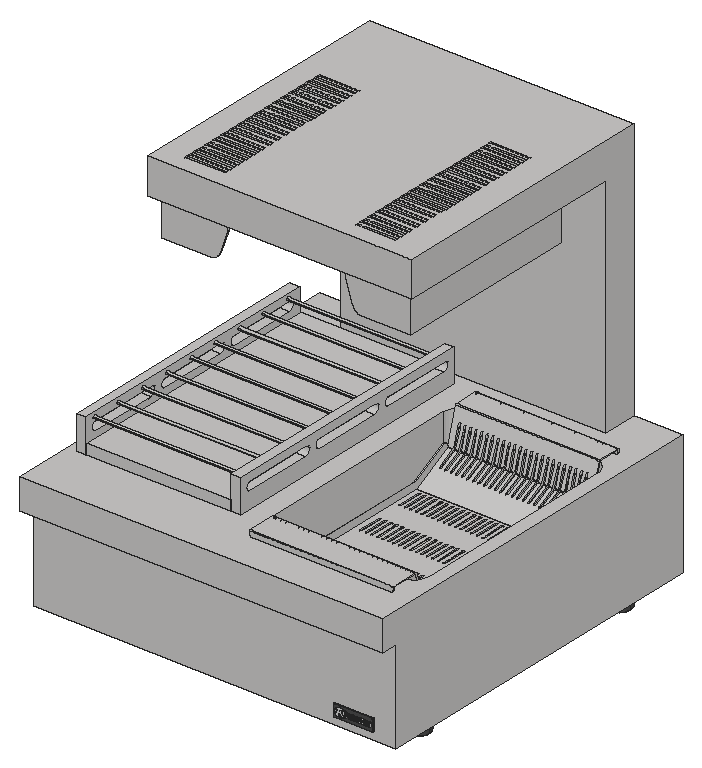
Revit family "QF_MACOM_CF72C-2M", category Equipamento especial, Revit 2020
Family settings
  Cota do conector redondo = Utilizar diâmetro
  Tipo de parte = Normal
  Número OmniClass = 23.40.40.14.17.11
  Título OmniClass = Cookers, Ovens, Stoves
  Com base no plano de trabalho = Não
  Sempre na vertical = Sim
  Corte com vazios quando carregada = Não
  Compartilhado = Não
  Ponto de cálculo do ambiente = Não
Parameters (values of type "CF72C-2M")
  Width = 720.00 mm
  Weight = 20.00 kg
  Volume = 0.41 m³
  Volts = 220 V
  URL = "https://www.acosmacom.com.br/"
  Show Logo = yes
  Operational Current = 6.3 A
  Modelo = "CF72C-2M"
  Ingress Protection Code = "IP 20"
  Height = 764.00 mm
  Fabricante = "MACOM"
  Elevação padrão = 0.00 mm
  Electric Power = 1380 W
  Elec Connection Height = 20.00 mm
  Descrição = "CONSERVADOR DE FRITURAS 700HP MACOM 720 ELETRICO"
  Depth = 745.00 mm
  Cycle = 60 Hz
  Capacity = "GN 1/1 - 150"
Reference planes
  plane 1 "Centro (Frente/Trás)": y = 0
  plane 2: z = 0
  plane 3 "Centro (Esquerda/Direita)": x = 0
  plane 4: z = 20
  plane 5: y = -745
  plane 6: x = 720
  plane 7: z = 265
  plane 8: z = 204
  plane 9: z = 635
  plane 10: z = 714
  plane 11: z = 784
Forms (mm)
  Extrusion 1, solid, material "QF_Stainless-Polished"
    sketch origin (0, 0, -635) x (0, 1, 0) y (0, 0, 1)
      loop
        line (0, 900) -> (-745, 900) -> (-745, 655) -> (0, 655) -> (0, 900)
    from 0 to 720
  Extrusion 2, void
    sketch origin (0, 0, -635) x (1, 0, 0) y (0, 0, 1)
      loop
        line (0, 839) -> (0, 655) -> (720, 655) -> (720, 839) -> (0, 839)
    from 711 to 745
  Extrusion 3, solid, material "QF_Stainless-Polished"
    sketch origin (0, 0, -635) x (0, 1, 0) y (0, 0, 1)
      loop
        line (0, 900) -> (0, 1419) -> (-550, 1419) -> (-550, 1349) -> (-70, 1349) -> (-70, 900) -> (0, 900)
    from 98 to 622.5
  Extrusion 4, solid, material "QF_Stainless-Polished"
    sketch origin (0, 0, 0) x (1, 0, 0) y (0, 1, 0)
      loop
        line (474.5, -158) -> (474.5, -160) -> (602.5, -160) -> (602.5, -528) -> (474.5, -528) -> (474.5, -530) -> (604.5, -530) -> (604.5, -158) -> (474.5, -158)
    from 635 to 714
  Extrusion 5, solid, material "QF_Stainless-Polished"
    sketch origin (715, 0, 0) x (-1, 0, 0) y (0, -1, 0)
      loop
        line (474.5, 158) -> (604.5, 158) -> (604.5, 530) -> (474.5, 530) -> (474.5, 528) -> (602.5, 528) -> (602.5, 160) -> (474.5, 160) -> (474.5, 158)
    from 635 to 714
  Extrusion 6, void
    sketch origin (0, 0, -635) x (1, 0, 0) y (0, 0, 1)
      loop
        line (207.5, 1270) -> (240.5, 1270) -> (240.5, 1326.5) -> (226, 1283)
        arc (226, 1283) -> (218.805, 1273.575) -> (207.5, 1270) r 19.663
    from 158 to 530
  Extrusion 7, void
    sketch origin (0, 0, -635) x (1, 0, 0) y (0, 0, 1)
      loop
        arc (507.5, 1270) -> (496.195, 1273.575) -> (489, 1283) r 19.663
        line (489, 1283) -> (474.5, 1326.5) -> (474.5, 1270) -> (507.5, 1270)
    from 158 to 530
  Extrusion 8, void
    sketch origin (0, -23.65, 0) x (1, 0, 0) y (0, 1, 0)
      loop
        arc (414, -122.1) -> (392.787, -130.887) -> (384, -152.1) r 30
        line (384, -152.1) -> (384, -572.1)
        arc (384, -572.1) -> (392.787, -593.313) -> (414, -602.1) r 30
        line (414, -602.1) -> (663.676, -602.1)
        arc (663.676, -602.1) -> (684.889, -593.313) -> (693.676, -572.1) r 30
        line (693.676, -572.1) -> (693.676, -152.1)
        arc (693.676, -152.1) -> (684.889, -130.887) -> (663.676, -122.1) r 30
        line (663.676, -122.1) -> (414, -122.1)
    from 142 to 265
  Extrusion 9, solid, material "QF_Metal_Stainless Steel-Polished"
    sketch origin (0, -750, 20) x (1, 0, 0) y (0, -1, 0)
      loop
        circle (180, -715) r 9.525
    from 0 to 6.35
  Extrusion 10, void
    sketch origin (0, -1068.395, 784) x (-1, 0, 0) y (0, 1, 0)
      loop
        line (-485, 885.395) -> (-565, 885.395) -> (-565, 880.395) -> (-485, 880.395) -> (-485, 885.395)
      loop
        line (-485, 875.395) -> (-565, 875.395) -> (-565, 870.395) -> (-485, 870.395) -> (-485, 875.395)
      loop
        line (-485, 865.395) -> (-565, 865.395) -> (-565, 860.395) -> (-485, 860.395) -> (-485, 865.395)
      loop
        line (-485, 855.395) -> (-565, 855.395) -> (-565, 850.395) -> (-485, 850.395) -> (-485, 855.395)
      loop
        line (-485, 845.395) -> (-565, 845.395) -> (-565, 840.395) -> (-485, 840.395) -> (-485, 845.395)
      loop
        line (-485, 835.395) -> (-565, 835.395) -> (-565, 830.395) -> (-485, 830.395) -> (-485, 835.395)
      loop
        line (-485, 825.395) -> (-565, 825.395) -> (-565, 820.395) -> (-485, 820.395) -> (-485, 825.395)
      loop
        line (-485, 815.395) -> (-565, 815.395) -> (-565, 810.395) -> (-485, 810.395) -> (-485, 815.395)
      loop
        line (-485, 625.395) -> (-565, 625.395) -> (-565, 620.395) -> (-485, 620.395) -> (-485, 625.395)
      loop
        line (-485, 615.395) -> (-565, 615.395) -> (-565, 610.395) -> (-485, 610.395) -> (-485, 615.395)
      loop
        line (-485, 605.395) -> (-565, 605.395) -> (-565, 600.395) -> (-485, 600.395) -> (-485, 605.395)
      loop
        line (-485, 595.395) -> (-565, 595.395) -> (-565, 590.395) -> (-485, 590.395) -> (-485, 595.395)
      loop
        line (-485, 585.395) -> (-565, 585.395) -> (-565, 580.395) -> (-485, 580.395) -> (-485, 585.395)
      loop
        line (-485, 575.395) -> (-565, 575.395) -> (-565, 570.395) -> (-485, 570.395) -> (-485, 575.395)
      loop
        line (-485, 565.395) -> (-565, 565.395) -> (-565, 560.395) -> (-485, 560.395) -> (-485, 565.395)
      loop
        line (-485, 555.395) -> (-565, 555.395) -> (-565, 550.395) -> (-485, 550.395) -> (-485, 555.395)
      loop
        line (-485, 705.395) -> (-565, 705.395) -> (-565, 700.395) -> (-485, 700.395) -> (-485, 705.395)
      loop
        line (-485, 695.395) -> (-565, 695.395) -> (-565, 690.395) -> (-485, 690.395) -> (-485, 695.395)
      loop
        line (-485, 685.395) -> (-565, 685.395) -> (-565, 680.395) -> (-485, 680.395) -> (-485, 685.395)
      loop
        line (-485, 675.395) -> (-565, 675.395) -> (-565, 670.395) -> (-485, 670.395) -> (-485, 675.395)
      loop
        line (-485, 665.395) -> (-565, 665.395) -> (-565, 660.395) -> (-485, 660.395) -> (-485, 665.395)
      loop
        line (-485, 655.395) -> (-565, 655.395) -> (-565, 650.395) -> (-485, 650.395) -> (-485, 655.395)
      loop
        line (-485, 645.395) -> (-565, 645.395) -> (-565, 640.395) -> (-485, 640.395) -> (-485, 645.395)
      loop
        line (-485, 635.395) -> (-565, 635.395) -> (-565, 630.395) -> (-485, 630.395) -> (-485, 635.395)
      loop
        line (-485, 715.395) -> (-565, 715.395) -> (-565, 710.395) -> (-485, 710.395) -> (-485, 715.395)
      loop
        line (-485, 795.395) -> (-565, 795.395) -> (-565, 790.395) -> (-485, 790.395) -> (-485, 795.395)
      loop
        line (-485, 785.395) -> (-565, 785.395) -> (-565, 780.395) -> (-485, 780.395) -> (-485, 785.395)
      loop
        line (-485, 775.395) -> (-565, 775.395) -> (-565, 770.395) -> (-485, 770.395) -> (-485, 775.395)
      loop
        line (-485, 765.395) -> (-565, 765.395) -> (-565, 760.395) -> (-485, 760.395) -> (-485, 765.395)
      loop
        line (-485, 755.395) -> (-565, 755.395) -> (-565, 750.395) -> (-485, 750.395) -> (-485, 755.395)
      loop
        line (-485, 745.395) -> (-565, 745.395) -> (-565, 740.395) -> (-485, 740.395) -> (-485, 745.395)
      loop
        line (-485, 735.395) -> (-565, 735.395) -> (-565, 730.395) -> (-485, 730.395) -> (-485, 735.395)
      loop
        line (-485, 725.395) -> (-565, 725.395) -> (-565, 720.395) -> (-485, 720.395) -> (-485, 725.395)
      loop
        line (-485, 805.395) -> (-565, 805.395) -> (-565, 800.395) -> (-485, 800.395) -> (-485, 805.395)
      loop
        line (-145, 885.395) -> (-225, 885.395) -> (-225, 880.395) -> (-145, 880.395) -> (-145, 885.395)
      loop
        line (-145, 875.395) -> (-225, 875.395) -> (-225, 870.395) -> (-145, 870.395) -> (-145, 875.395)
      loop
        line (-145, 865.395) -> (-225, 865.395) -> (-225, 860.395) -> (-145, 860.395) -> (-145, 865.395)
      loop
        line (-145, 855.395) -> (-225, 855.395) -> (-225, 850.395) -> (-145, 850.395) -> (-145, 855.395)
      loop
        line (-145, 845.395) -> (-225, 845.395) -> (-225, 840.395) -> (-145, 840.395) -> (-145, 845.395)
      loop
        line (-145, 835.395) -> (-225, 835.395) -> (-225, 830.395) -> (-145, 830.395) -> (-145, 835.395)
      loop
        line (-145, 825.395) -> (-225, 825.395) -> (-225, 820.395) -> (-145, 820.395) -> (-145, 825.395)
      loop
        line (-145, 815.395) -> (-225, 815.395) -> (-225, 810.395) -> (-145, 810.395) -> (-145, 815.395)
      loop
        line (-145, 625.395) -> (-225, 625.395) -> (-225, 620.395) -> (-145, 620.395) -> (-145, 625.395)
      loop
        line (-145, 615.395) -> (-225, 615.395) -> (-225, 610.395) -> (-145, 610.395) -> (-145, 615.395)
      loop
        line (-145, 605.395) -> (-225, 605.395) -> (-225, 600.395) -> (-145, 600.395) -> (-145, 605.395)
      loop
        line (-145, 595.395) -> (-225, 595.395) -> (-225, 590.395) -> (-145, 590.395) -> (-145, 595.395)
      loop
        line (-145, 585.395) -> (-225, 585.395) -> (-225, 580.395) -> (-145, 580.395) -> (-145, 585.395)
      loop
        line (-145, 575.395) -> (-225, 575.395) -> (-225, 570.395) -> (-145, 570.395) -> (-145, 575.395)
      loop
        line (-145, 565.395) -> (-225, 565.395) -> (-225, 560.395) -> (-145, 560.395) -> (-145, 565.395)
      loop
        line (-145, 555.395) -> (-225, 555.395) -> (-225, 550.395) -> (-145, 550.395) -> (-145, 555.395)
      loop
        line (-145, 705.395) -> (-225, 705.395) -> (-225, 700.395) -> (-145, 700.395) -> (-145, 705.395)
      loop
        line (-145, 695.395) -> (-225, 695.395) -> (-225, 690.395) -> (-145, 690.395) -> (-145, 695.395)
      loop
        line (-145, 685.395) -> (-225, 685.395) -> (-225, 680.395) -> (-145, 680.395) -> (-145, 685.395)
      loop
        line (-145, 675.395) -> (-225, 675.395) -> (-225, 670.395) -> (-145, 670.395) -> (-145, 675.395)
      loop
        line (-145, 665.395) -> (-225, 665.395) -> (-225, 660.395) -> (-145, 660.395) -> (-145, 665.395)
      loop
        line (-145, 655.395) -> (-225, 655.395) -> (-225, 650.395) -> (-145, 650.395) -> (-145, 655.395)
      loop
        line (-145, 645.395) -> (-225, 645.395) -> (-225, 640.395) -> (-145, 640.395) -> (-145, 645.395)
      loop
        line (-145, 635.395) -> (-225, 635.395) -> (-225, 630.395) -> (-145, 630.395) -> (-145, 635.395)
      loop
        line (-145, 715.395) -> (-225, 715.395) -> (-225, 710.395) -> (-145, 710.395) -> (-145, 715.395)
      loop
        line (-145, 795.395) -> (-225, 795.395) -> (-225, 790.395) -> (-145, 790.395) -> (-145, 795.395)
      loop
        line (-145, 785.395) -> (-225, 785.395) -> (-225, 780.395) -> (-145, 780.395) -> (-145, 785.395)
      loop
        line (-145, 775.395) -> (-225, 775.395) -> (-225, 770.395) -> (-145, 770.395) -> (-145, 775.395)
      loop
        line (-145, 765.395) -> (-225, 765.395) -> (-225, 760.395) -> (-145, 760.395) -> (-145, 765.395)
      loop
        line (-145, 755.395) -> (-225, 755.395) -> (-225, 750.395) -> (-145, 750.395) -> (-145, 755.395)
      loop
        line (-145, 745.395) -> (-225, 745.395) -> (-225, 740.395) -> (-145, 740.395) -> (-145, 745.395)
      loop
        line (-145, 735.395) -> (-225, 735.395) -> (-225, 730.395) -> (-145, 730.395) -> (-145, 735.395)
      loop
        line (-145, 725.395) -> (-225, 725.395) -> (-225, 720.395) -> (-145, 720.395) -> (-145, 725.395)
      loop
        line (-145, 805.395) -> (-225, 805.395) -> (-225, 800.395) -> (-145, 800.395) -> (-145, 805.395)
    from 0 to 70
Cuts and joins
  Extrusion 2, Extrusion 8 cuts Extrusion 1
  Extrusion 6, Extrusion 7, Extrusion 10 cuts Extrusion 3
  Extrusion 6 cuts Extrusion 5
  Extrusion 7 cuts Extrusion 4
Lines and regions (mm)
  symbolic lines
    curve 1: line (0, 0, 0) -> (720, 0, 0)
    curve 2: line (0, -745, 0) -> (0, 0, 0)
    curve 3: line (720, -745, 0) -> (0, -745, 0)
    curve 4: line (720, 0, 0) -> (720, -745, 0)
    curve 5: line (98, 0, 0) -> (622.5, 0, 0)
    curve 6: line (98, -550, 0) -> (98, 0, 0)
    curve 7: line (622.5, -550, 0) -> (98, -550, 0)
    curve 8: line (622.5, 0, 0) -> (622.5, -550, 0)
    curve 9: line (622.5, -110, 0) -> (681.179, -110, 0)
    curve 10: line (681.179, -110, 0) -> (681.179, -669.515, 0)
    curve 11: line (681.179, -669.515, 0) -> (396.497, -669.515, 0)
    curve 12: line (396.497, -669.515, 0) -> (396.497, -550, 0)
    curve 13: line (342.5, -550, 0) -> (342.5, -625.75, 0)
    curve 14: line (342.5, -625.75, 0) -> (17.5, -625.75, 0)
    curve 15: line (17.5, -625.75, 0) -> (17.5, -95.75, 0)
    curve 16: line (17.5, -95.75, 0) -> (98, -95.75, 0)
    curve 17: line (36, -124.25, 0) -> (98, -124.25, 0)
    curve 18: line (36, -129.25, 0) -> (98, -129.25, 0)
    curve 19: line (36, -184.25, 0) -> (98, -184.25, 0)
    curve 20: line (36, -189.25, 0) -> (98, -189.25, 0)
    curve 21: line (36, -244.25, 0) -> (98, -244.25, 0)
    curve 22: line (36, -249.25, 0) -> (98, -249.25, 0)
    curve 23: line (36, -304.25, 0) -> (98, -304.25, 0)
    curve 24: line (36, -309.25, 0) -> (98, -309.25, 0)
    curve 25: line (36, -364.25, 0) -> (98, -364.25, 0)
    curve 26: line (36, -369.25, 0) -> (98, -369.25, 0)
    curve 27: line (36, -424.25, 0) -> (98, -424.25, 0)
    curve 28: line (36, -429.75, 0) -> (98, -429.75, 0)
    curve 29: line (36, -484.25, 0) -> (98, -484.25, 0)
    curve 30: line (36, -489.25, 0) -> (98, -489.25, 0)
    curve 31: line (36, -544.25, 0) -> (98, -544.25, 0)
    curve 32: line (36, -549.25, 0) -> (98, -549.25, 0)
    curve 33: line (36, -604.25, 0) -> (324, -604.25, 0)
    curve 34: line (36, -611.25, 0) -> (324, -611.25, 0)
    curve 35: line (36, -95.75, 0) -> (36, -625.75, 0)
    curve 36: line (324, -625.75, 0) -> (324, -550, 0)
    curve 37: line (693.676, -175.75, 0) -> (693.676, -595.75, 0)
    curve 38: arc (693.676, -595.75, 0) -> (690.369, -609.441, 0) -> (681.179, -620.115, 0) r 30
    curve 39: arc (681.179, -151.385, 0) -> (690.369, -162.059, 0) -> (693.676, -175.75, 0) r 30
    curve 40: line (396.497, -600.012, 0) -> (681.179, -600.012, 0)
    curve 41: line (681.179, -601.286, 0) -> (396.497, -601.286, 0)
Dimensions and locks
  Extrusion 9 sketch curve to plane 1 "Centro (Frente/Trás)" = 35.00 mm
  plane 3 "Centro (Esquerda/Direita)" to Extrusion 9 sketch curve = 180.00 mm
  "Depth": plane 5 to plane 1 "Centro (Frente/Trás)"
  "Width": plane 3 "Centro (Esquerda/Direita)" to plane 6
  locked: plane 10 to plane 11 at 70
  locked: plane 9 to plane 10 at 79
  locked: plane 4 to plane 7 at 245
  locked: plane 8 to plane 7 at 61
  "Height": plane 4 to plane 11
  locked: plane 6 to nested 7 at 44
  locked: plane 4 to nested 7 at 13
  aligned and locked: level to plane 2
  aligned and locked: plane 4 to cut or joined group of Extrusion 1, Extrusion 2, Extrusion 8
  aligned and locked: curve 1 to curve 5
  aligned and locked: curve 6 to cut or joined group of Extrusion 3, Extrusion 6, Extrusion 7, Extrusion 10
  aligned and locked: curve 7 to cut or joined group of Extrusion 3, Extrusion 6, Extrusion 7, Extrusion 10
  aligned and locked: curve 8 to cut or joined group of Extrusion 3, Extrusion 6, Extrusion 7, Extrusion 10
  aligned and locked: Extrusion 8 to Extrusion 1
  aligned and locked: cut or joined group of Extrusion 3, Extrusion 6, Extrusion 7, Extrusion 10 to Extrusion 4
  aligned and locked: cut or joined group of Extrusion 5, Extrusion 6 to Extrusion 4
  aligned and locked: plane 6 to cut or joined group of Extrusion 1, Extrusion 2, Extrusion 8
  aligned and locked: plane 5 to cut or joined group of Extrusion 1, Extrusion 2, Extrusion 8
  aligned and locked: plane 11 to cut or joined group of Extrusion 3, Extrusion 6, Extrusion 7, Extrusion 10
  aligned and locked: plane 10 to cut or joined group of Extrusion 3, Extrusion 6, Extrusion 7, Extrusion 10
  aligned and locked: plane 9 to cut or joined group of Extrusion 5, Extrusion 6
  aligned and locked: plane 7 to cut or joined group of Extrusion 1, Extrusion 2, Extrusion 8
  aligned and locked: plane 8 to cut or joined group of Extrusion 1, Extrusion 2, Extrusion 8
  aligned and locked: cut or joined group of Extrusion 5, Extrusion 6 to Extrusion 6
  aligned and locked: Extrusion 5 to Extrusion 6
  aligned and locked: cut or joined group of Extrusion 5, Extrusion 6 to Extrusion 7
  aligned and locked: Extrusion 4 to Extrusion 7
  aligned and locked: Extrusion 5 to cut or joined group of Extrusion 3, Extrusion 6, Extrusion 7, Extrusion 10
  aligned and locked: Extrusion 3 to Extrusion 10  (x2)
  aligned and locked: nested 7 to cut or joined group of Extrusion 1, Extrusion 2, Extrusion 8
Automatic sketch dimensions
  curve 3 to plane 3 "Centro (Esquerda/Direita)" = 0.00 mm
  plane 1 "Centro (Frente/Trás)" to curve 4 = 0.00 mm
  curve 4 to plane 6 = 0.00 mm
  plane 5 to curve 4 = 0.00 mm
  plane 3 "Centro (Esquerda/Direita)" to curve 15 = 17.50 mm
  curve 14 to plane 5 = 119.25 mm
  curve 6 to curve 14 = 244.50 mm
  curve 13 to curve 12 = 53.997 mm
  curve 39 to plane 6 = 56.324 mm
  curve 38 to plane 6 = 56.324 mm
  curve 10 to plane 6 = 38.821 mm
  curve 40 to curve 37 = 12.497 mm
  curve 11 to plane 5 = 75.485 mm
  curve 38 to curve 7 = 45.75 mm
  plane 1 "Centro (Frente/Trás)" to curve 39 = 175.75 mm
  curve 39 to curve 10 = 41.385 mm
  plane 1 "Centro (Frente/Trás)" to curve 16 = 95.75 mm
  plane 3 "Centro (Esquerda/Direita)" to curve 32 = 36.00 mm
  curve 36 to curve 13 = 18.50 mm
  curve 35 to curve 34 = 14.50 mm
  curve 34 to curve 33 = 7.00 mm
  curve 41 to curve 37 = 5.536 mm
  curve 41 to curve 40 = 1.273 mm
  curve 33 to curve 32 = 55.00 mm
  curve 32 to curve 31 = 5.00 mm
  curve 31 to curve 30 = 55.00 mm
  curve 30 to curve 29 = 5.00 mm
  curve 29 to curve 28 = 54.50 mm
  curve 28 to curve 27 = 5.50 mm
  curve 27 to curve 26 = 55.00 mm
  curve 26 to curve 25 = 5.00 mm
  curve 25 to curve 24 = 55.00 mm
  curve 24 to curve 23 = 5.00 mm
  curve 23 to curve 22 = 55.00 mm
  curve 22 to curve 21 = 5.00 mm
  curve 21 to curve 20 = 55.00 mm
  curve 20 to curve 19 = 5.00 mm
  curve 18 to curve 16 = 33.50 mm
  curve 18 to curve 17 = 5.00 mm
  Extrusion 1 sketch curve to plane 5 = 0.00 mm
  Extrusion 1 sketch curve to plane 1 "Centro (Frente/Trás)" = 0.00 mm
  plane 4 to Extrusion 1 sketch curve = 0.00 mm
  Extrusion 1 sketch curve to plane 4 = 245.00 mm
  Extrusion 2 sketch curve to plane 3 "Centro (Esquerda/Direita)" = 0.00 mm
  Extrusion 2 sketch curve to plane 4 = 0.00 mm
  Extrusion 2 sketch curve to plane 6 = 0.00 mm
  Extrusion 2 sketch curve to plane 4 = 184.00 mm
  Extrusion 3 sketch curve to plane 1 "Centro (Frente/Trás)" = 0.00 mm
  plane 1 "Centro (Frente/Trás)" to Extrusion 3 sketch curve = 70.00 mm
  Extrusion 3 sketch curve to plane 5 = 195.00 mm
  Extrusion 3 sketch curve to plane 4 = 245.00 mm
  Extrusion 3 sketch curve to plane 4 = 694.00 mm
  Extrusion 3 sketch curve to Extrusion 3 sketch curve = 70.00 mm
  Extrusion 4 sketch curve to plane 6 = 245.50 mm  (x2)
  Extrusion 4 sketch curve to plane 6 = 117.50 mm
  Extrusion 4 sketch curve to Extrusion 4 sketch curve = 2.00 mm  (x3)
  Extrusion 4 sketch curve to plane 5 = 215.00 mm
  plane 1 "Centro (Frente/Trás)" to Extrusion 4 sketch curve = 160.00 mm
  Extrusion 4 sketch curve to Extrusion 4 sketch curve = 0.00 mm
  Extrusion 5 sketch curve to plane 3 "Centro (Esquerda/Direita)" = 240.50 mm  (x2)
  Extrusion 5 sketch curve to plane 3 "Centro (Esquerda/Direita)" = 112.50 mm
  Extrusion 5 sketch curve to Extrusion 5 sketch curve = 2.00 mm  (x3)
  plane 5 to Extrusion 5 sketch curve = 215.00 mm
  Extrusion 5 sketch curve to plane 1 "Centro (Frente/Trás)" = 160.00 mm
  Extrusion 5 sketch curve to Extrusion 5 sketch curve = 0.00 mm
  plane 3 "Centro (Esquerda/Direita)" to Extrusion 6 sketch curve = 207.50 mm
  Extrusion 6 sketch curve to Extrusion 6 sketch curve = 18.50 mm
  Extrusion 6 sketch curve to Extrusion 6 sketch curve = 14.50 mm
  Extrusion 6 sketch curve to plane 4 = 615.00 mm
  Extrusion 6 sketch curve to Extrusion 6 sketch curve = 13.00 mm
  Extrusion 6 sketch curve to Extrusion 6 sketch curve = 43.50 mm
  Extrusion 7 sketch curve to plane 6 = 245.50 mm
  Extrusion 7 sketch curve to Extrusion 7 sketch curve = 14.50 mm
  Extrusion 7 sketch curve to Extrusion 7 sketch curve = 18.50 mm
  Extrusion 7 sketch curve to plane 4 = 615.00 mm
  Extrusion 7 sketch curve to Extrusion 7 sketch curve = 13.00 mm
  Extrusion 7 sketch curve to Extrusion 7 sketch curve = 43.50 mm
  Extrusion 8 sketch curve to plane 5 = 149.25 mm
  Extrusion 8 sketch curve to plane 6 = 336.00 mm
  Extrusion 8 sketch curve to Extrusion 8 sketch curve = 30.00 mm  (x2)
  Extrusion 8 sketch curve to plane 6 = 56.324 mm  (x2)
  Extrusion 8 sketch curve to plane 6 = 26.324 mm
  plane 1 "Centro (Frente/Trás)" to Extrusion 8 sketch curve = 175.75 mm
  Extrusion 10 sketch curve to plane 6 = 155.00 mm
  Extrusion 10 sketch curve to Extrusion 10 sketch curve = 0.00 mm  (x128)
  Extrusion 10 sketch curve to Extrusion 10 sketch curve = 80.00 mm  (x6)
  plane 3 "Centro (Esquerda/Direita)" to Extrusion 10 sketch curve = 225.00 mm
  plane 1 "Centro (Frente/Trás)" to Extrusion 10 sketch curve = 183.00 mm  (x2)
  Extrusion 10 sketch curve to Extrusion 10 sketch curve = 5.00 mm  (x134)
  radius of Extrusion 9 sketch curve = 9.525 mm
Nested families
  nested 1: "Pé de apoio" at (690, -615, -4.6), type "Pé de apoio"
  nested 2: "Pé de apoio" at (30, -615, -4.6), type "Pé de apoio"
  nested 3: "Pé de apoio" at (690, -115, -4.6), type "Pé de apoio"
  nested 4: "Pé de apoio" at (30, -115, -4.6), type "Pé de apoio"
  nested 5: "ESCORREDOR_CF" at (389.077, -669.515, 264.958), type "ESCORREDOR_CF"
  nested 6: "EXPOSITOR" at (180, -95.75, 265), type "EXPOSITOR"
  nested 7: "LOGOTIPO MACOM" at (636, -711, 33.032), visible <- "Show Logo", type "LOGOTIPO MACOM"
Connectors
  electrical at (180, -35, 13.65), driven by "Volts"
    settings: on Extrusion 9, index 1, voltage 220 V, apparent load 0 VA, apparent load phase1 0 VA, apparent load phase2 0 VA, apparent load phase3 0 VA, power factor 1, load classification "Potência", number of poles 1, system type 30, power factor state 1, is connector primary yes, connector utility no, sub classification motor no, connector description ""
Definition of nested family "Pé de apoio"
  Parameters (values of type "Pé de apoio")
    Default Elevation = 0.00 mm
  Reference planes
    plane 1 "Centro (Frente/Trás)": y = 0
    plane 2: z = 0
    plane 3 "Centro (Esquerda/Direita)": x = 0
  Forms (mm)
    Revolve 1, solid
      sketch origin (0, 0, 0) x (1, 0, 0) y (0, 0, 1)
        loop
          line (0, 4.6) -> (18.5, 4.6) -> (18.5, 6.565) -> (19.685, 6.565) -> (17.281, 20.026) -> (15.5, 20.026) -> (15.5, 21.498) -> (4, 21.498) -> (4, 24.6) -> (0, 24.6) -> (0, 4.6)
        axis (0, 24.6) -> (0, 4.6)
      angle from 0 to 360
  Dimensions and locks
    Revolve 1 sketch curve to Revolve 1 sketch curve = 20.00 mm
    aligned and locked: level to plane 2
Definition of nested family "ESCORREDOR_CF"
  Parameters (values of type "ESCORREDOR_CF")
    Default Elevation = 0.00 mm
  Reference planes
    plane 1 "Center (Front/Back)": y = 0
    plane 2: z = 0
    plane 3 "Center (Left/Right)": x = 0
    plane 4: x = 152.4
    plane 5: y = 281.5
  Forms (mm)
    Extrusion 1, solid
      sketch origin (0, 0, 0) x (0, 1, 0) y (0, 0, 1)
        loop
          line (0, 0) -> (1.5, 0) -> (1.5, 9)
          arc (1.5, 9) -> (1.646, 9.354) -> (2, 9.5) r 0.5
          line (2, 9.5) -> (55.193, 9.5)
          arc (55.193, 9.5) -> (55.833, 9.269) -> (56.176, 8.682) r 1
          line (56.176, 8.682) -> (68.23, -56.543) -> (147.47, -96.918)
          arc (147.47, -96.918) -> (147.911, -97.081) -> (148.378, -97.136) r 2
          line (148.378, -97.136) -> (411.138, -97.136)
          arc (411.138, -97.136) -> (411.605, -97.081) -> (412.046, -96.918) r 2
          line (412.046, -96.918) -> (490.75, -56.816)
          arc (490.75, -56.816) -> (491.056, -56.575) -> (491.247, -56.234) r 1
          line (491.247, -56.234) -> (512.381, 8.809)
          arc (512.381, 8.809) -> (512.744, 9.309) -> (513.332, 9.5) r 1
          line (513.332, 9.5) -> (557.515, 9.5)
          arc (557.515, 9.5) -> (557.869, 9.354) -> (558.015, 9) r 0.5
          line (558.015, 9) -> (558.015, 0) -> (559.515, 0) -> (559.515, 10.5)
          arc (559.515, 10.5) -> (559.369, 10.854) -> (559.015, 11) r 0.5
          line (559.015, 11) -> (512.242, 11)
          arc (512.242, 11) -> (511.654, 10.809) -> (511.291, 10.309) r 1
          line (511.291, 10.309) -> (490.012, -55.18)
          arc (490.012, -55.18) -> (489.821, -55.52) -> (489.515, -55.762) r 1
          line (489.515, -55.762) -> (411.685, -95.418)
          arc (411.685, -95.418) -> (411.244, -95.581) -> (410.778, -95.636) r 2
          line (410.778, -95.636) -> (148.738, -95.636)
          arc (148.738, -95.636) -> (148.271, -95.581) -> (147.83, -95.418) r 2
          line (147.83, -95.418) -> (70, -55.762)
          arc (70, -55.762) -> (69.694, -55.52) -> (69.503, -55.18) r 1
          line (69.503, -55.18) -> (57.425, 10.182)
          arc (57.425, 10.182) -> (57.081, 10.769) -> (56.441, 11) r 1
          line (56.441, 11) -> (0.5, 11)
          arc (0.5, 11) -> (0.146, 10.854) -> (0, 10.5) r 0.5
          line (0, 10.5) -> (0, 0)
      from 7.42 to 292.102
    Extrusion 2, solid
      sketch origin (0, 0, 0) x (0, 1, 0) y (0, 0, 1)
        loop
          line (489.515, -55.762) -> (485.883, -48.634)
          arc (485.883, -48.634) -> (482.973, -46.149) -> (479.158, -46.449) r 5
          line (479.158, -46.449) -> (411.649, -80.847)
          arc (411.649, -80.847) -> (409.378, -83.208) -> (409.057, -86.469) r 5
          line (409.057, -86.469) -> (408.781, -85.319)
          arc (408.781, -85.319) -> (407.544, -83.388) -> (405.377, -82.636) r 3.5
          line (405.377, -82.636) -> (154.138, -82.636)
          arc (154.138, -82.636) -> (151.971, -83.388) -> (150.735, -85.319) r 3.5
          line (150.735, -85.319) -> (150.448, -86.514)
          arc (150.448, -86.514) -> (150.115, -83.228) -> (147.805, -80.866) r 5
          line (147.805, -80.866) -> (82.536, -48.542)
          arc (82.536, -48.542) -> (79.701, -48.061) -> (77.07, -49.221) r 5
          line (77.07, -49.221) -> (69.631, -55.574) -> (147.83, -95.418)
          arc (147.83, -95.418) -> (148.271, -95.581) -> (148.738, -95.636) r 2
          line (148.738, -95.636) -> (410.778, -95.636)
          arc (410.778, -95.636) -> (411.244, -95.581) -> (411.685, -95.418) r 2
          line (411.685, -95.418) -> (489.515, -55.762)
      from 7.42 to 8.965
    Extrusion 3, solid
      sketch origin (304.8, 0, 0) x (0, 1, 0) y (0, 0, -1)
        loop
          line (489.515, 55.762) -> (411.685, 95.418)
          arc (411.685, 95.418) -> (411.244, 95.581) -> (410.778, 95.636) r 2
          line (410.778, 95.636) -> (148.738, 95.636)
          arc (148.738, 95.636) -> (148.271, 95.581) -> (147.83, 95.418) r 2
          line (147.83, 95.418) -> (69.631, 55.574) -> (77.07, 49.221)
          arc (77.07, 49.221) -> (79.701, 48.061) -> (82.536, 48.542) r 5
          line (82.536, 48.542) -> (147.805, 80.866)
          arc (147.805, 80.866) -> (150.115, 83.228) -> (150.448, 86.514) r 5
          line (150.448, 86.514) -> (150.735, 85.319)
          arc (150.735, 85.319) -> (151.971, 83.388) -> (154.138, 82.636) r 3.5
          line (154.138, 82.636) -> (405.377, 82.636)
          arc (405.377, 82.636) -> (407.544, 83.388) -> (408.781, 85.319) r 3.5
          line (408.781, 85.319) -> (409.057, 86.469)
          arc (409.057, 86.469) -> (409.378, 83.208) -> (411.649, 80.847) r 5
          line (411.649, 80.847) -> (479.158, 46.449)
          arc (479.158, 46.449) -> (482.973, 46.149) -> (485.883, 48.634) r 5
          line (485.883, 48.634) -> (489.515, 55.762)
      from 12.698 to 14.216
    Extrusion 4, void
      sketch origin (0, 0, 0) x (1, 0, 0) y (0, 1, 0)
        loop
          line (21.75, 110.725) -> (21.75, 65.725)
          arc (21.75, 65.725) -> (24.25, 63.225) -> (26.75, 65.725) r 2.5
          line (26.75, 65.725) -> (26.75, 110.725)
          arc (26.75, 110.725) -> (24.25, 113.225) -> (21.75, 110.725) r 2.5
        loop
          line (32.75, 110.725) -> (32.75, 65.725)
          arc (32.75, 65.725) -> (35.25, 63.225) -> (37.75, 65.725) r 2.5
          line (37.75, 65.725) -> (37.75, 110.725)
          arc (37.75, 110.725) -> (35.25, 113.225) -> (32.75, 110.725) r 2.5
        loop
          line (43.75, 110.725) -> (43.75, 65.725)
          arc (43.75, 65.725) -> (46.25, 63.225) -> (48.75, 65.725) r 2.5
          line (48.75, 65.725) -> (48.75, 110.725)
          arc (48.75, 110.725) -> (46.25, 113.225) -> (43.75, 110.725) r 2.5
        loop
          line (54.75, 110.725) -> (54.75, 65.725)
          arc (54.75, 65.725) -> (57.25, 63.225) -> (59.75, 65.725) r 2.5
          line (59.75, 65.725) -> (59.75, 110.725)
          arc (59.75, 110.725) -> (57.25, 113.225) -> (54.75, 110.725) r 2.5
        loop
          line (65.75, 110.725) -> (65.75, 65.725)
          arc (65.75, 65.725) -> (68.25, 63.225) -> (70.75, 65.725) r 2.5
          line (70.75, 65.725) -> (70.75, 110.725)
          arc (70.75, 110.725) -> (68.25, 113.225) -> (65.75, 110.725) r 2.5
        loop
          line (76.75, 110.725) -> (76.75, 65.725)
          arc (76.75, 65.725) -> (79.25, 63.225) -> (81.75, 65.725) r 2.5
          line (81.75, 65.725) -> (81.75, 110.725)
          arc (81.75, 110.725) -> (79.25, 113.225) -> (76.75, 110.725) r 2.5
        loop
          line (87.75, 110.725) -> (87.75, 65.725)
          arc (87.75, 65.725) -> (90.25, 63.225) -> (92.75, 65.725) r 2.5
          line (92.75, 65.725) -> (92.75, 110.725)
          arc (92.75, 110.725) -> (90.25, 113.225) -> (87.75, 110.725) r 2.5
        loop
          line (98.75, 110.725) -> (98.75, 65.725)
          arc (98.75, 65.725) -> (101.25, 63.225) -> (103.75, 65.725) r 2.5
          line (103.75, 65.725) -> (103.75, 110.725)
          arc (103.75, 110.725) -> (101.25, 113.225) -> (98.75, 110.725) r 2.5
        loop
          line (109.75, 110.725) -> (109.75, 65.725)
          arc (109.75, 65.725) -> (112.25, 63.225) -> (114.75, 65.725) r 2.5
          line (114.75, 65.725) -> (114.75, 110.725)
          arc (114.75, 110.725) -> (112.25, 113.225) -> (109.75, 110.725) r 2.5
        loop
          line (120.75, 110.725) -> (120.75, 65.725)
          arc (120.75, 65.725) -> (123.25, 63.225) -> (125.75, 65.725) r 2.5
          line (125.75, 65.725) -> (125.75, 110.725)
          arc (125.75, 110.725) -> (123.25, 113.225) -> (120.75, 110.725) r 2.5
        loop
          line (131.75, 110.725) -> (131.75, 65.725)
          arc (131.75, 65.725) -> (134.25, 63.225) -> (136.75, 65.725) r 2.5
          line (136.75, 65.725) -> (136.75, 110.725)
          arc (136.75, 110.725) -> (134.25, 113.225) -> (131.75, 110.725) r 2.5
        loop
          line (142.75, 110.725) -> (142.75, 65.725)
          arc (142.75, 65.725) -> (145.25, 63.225) -> (147.75, 65.725) r 2.5
          line (147.75, 65.725) -> (147.75, 110.725)
          arc (147.75, 110.725) -> (145.25, 113.225) -> (142.75, 110.725) r 2.5
        loop
          line (153.75, 110.725) -> (153.75, 65.725)
          arc (153.75, 65.725) -> (156.25, 63.225) -> (158.75, 65.725) r 2.5
          line (158.75, 65.725) -> (158.75, 110.725)
          arc (158.75, 110.725) -> (156.25, 113.225) -> (153.75, 110.725) r 2.5
        loop
          line (164.75, 110.725) -> (164.75, 65.725)
          arc (164.75, 65.725) -> (167.25, 63.225) -> (169.75, 65.725) r 2.5
          line (169.75, 65.725) -> (169.75, 110.725)
          arc (169.75, 110.725) -> (167.25, 113.225) -> (164.75, 110.725) r 2.5
        loop
          line (174.899, 110.725) -> (174.899, 65.725)
          arc (174.899, 65.725) -> (177.824, 62.799) -> (180.75, 65.725) r 2.926
          line (180.75, 65.725) -> (180.75, 110.725)
          arc (180.75, 110.725) -> (177.824, 113.65) -> (174.899, 110.725) r 2.926
        loop
          line (186.75, 110.725) -> (186.75, 65.725)
          arc (186.75, 65.725) -> (189.25, 63.225) -> (191.75, 65.725) r 2.5
          line (191.75, 65.725) -> (191.75, 110.725)
          arc (191.75, 110.725) -> (189.25, 113.225) -> (186.75, 110.725) r 2.5
        loop
          line (197.75, 110.725) -> (197.75, 65.725)
          arc (197.75, 65.725) -> (200.25, 63.225) -> (202.75, 65.725) r 2.5
          line (202.75, 65.725) -> (202.75, 110.725)
          arc (202.75, 110.725) -> (200.25, 113.225) -> (197.75, 110.725) r 2.5
        loop
          line (207.46, 110.725) -> (207.46, 65.863)
          arc (207.46, 65.863) -> (209.96, 63.363) -> (212.46, 65.863) r 2.5
          line (212.46, 65.863) -> (212.46, 110.725)
          arc (212.46, 110.725) -> (209.96, 113.225) -> (207.46, 110.725) r 2.5
        loop
          line (219.75, 110.725) -> (219.75, 65.725)
          arc (219.75, 65.725) -> (222.25, 63.225) -> (224.75, 65.725) r 2.5
          line (224.75, 65.725) -> (224.75, 110.725)
          arc (224.75, 110.725) -> (222.25, 113.225) -> (219.75, 110.725) r 2.5
        loop
          line (230.75, 110.725) -> (230.75, 65.725)
          arc (230.75, 65.725) -> (233.25, 63.225) -> (235.75, 65.725) r 2.5
          line (235.75, 65.725) -> (235.75, 110.725)
          arc (235.75, 110.725) -> (233.25, 113.225) -> (230.75, 110.725) r 2.5
        loop
          line (241.75, 110.725) -> (241.75, 65.725)
          arc (241.75, 65.725) -> (244.25, 63.225) -> (246.75, 65.725) r 2.5
          line (246.75, 65.725) -> (246.75, 110.725)
          arc (246.75, 110.725) -> (244.25, 113.225) -> (241.75, 110.725) r 2.5
        loop
          line (252.75, 110.725) -> (252.75, 65.725)
          arc (252.75, 65.725) -> (255.25, 63.225) -> (257.75, 65.725) r 2.5
          line (257.75, 65.725) -> (257.75, 110.725)
          arc (257.75, 110.725) -> (255.25, 113.225) -> (252.75, 110.725) r 2.5
        loop
          line (263.75, 110.725) -> (263.75, 65.725)
          arc (263.75, 65.725) -> (266.25, 63.225) -> (268.75, 65.725) r 2.5
          line (268.75, 65.725) -> (268.75, 110.725)
          arc (268.75, 110.725) -> (266.25, 113.225) -> (263.75, 110.725) r 2.5
        loop
          line (274.75, 110.725) -> (274.75, 65.725)
          arc (274.75, 65.725) -> (277.25, 63.225) -> (279.75, 65.725) r 2.5
          line (279.75, 65.725) -> (279.75, 110.725)
          arc (279.75, 110.725) -> (277.25, 113.225) -> (274.75, 110.725) r 2.5
        loop
          line (21.75, 200.725) -> (21.75, 155.725)
          arc (21.75, 155.725) -> (24.25, 153.225) -> (26.75, 155.725) r 2.5
          line (26.75, 155.725) -> (26.75, 200.725)
          arc (26.75, 200.725) -> (24.25, 203.225) -> (21.75, 200.725) r 2.5
        loop
          line (32.75, 200.725) -> (32.75, 155.725)
          arc (32.75, 155.725) -> (35.25, 153.225) -> (37.75, 155.725) r 2.5
          line (37.75, 155.725) -> (37.75, 200.725)
          arc (37.75, 200.725) -> (35.25, 203.225) -> (32.75, 200.725) r 2.5
        loop
          line (43.75, 200.725) -> (43.75, 155.725)
          arc (43.75, 155.725) -> (46.25, 153.225) -> (48.75, 155.725) r 2.5
          line (48.75, 155.725) -> (48.75, 200.725)
          arc (48.75, 200.725) -> (46.25, 203.225) -> (43.75, 200.725) r 2.5
        loop
          line (54.75, 200.725) -> (54.75, 155.725)
          arc (54.75, 155.725) -> (57.25, 153.225) -> (59.75, 155.725) r 2.5
          line (59.75, 155.725) -> (59.75, 200.725)
          arc (59.75, 200.725) -> (57.25, 203.225) -> (54.75, 200.725) r 2.5
        loop
          line (65.75, 200.725) -> (65.75, 155.725)
          arc (65.75, 155.725) -> (68.25, 153.225) -> (70.75, 155.725) r 2.5
          line (70.75, 155.725) -> (70.75, 200.725)
          arc (70.75, 200.725) -> (68.25, 203.225) -> (65.75, 200.725) r 2.5
        loop
          line (76.75, 200.725) -> (76.75, 155.725)
          arc (76.75, 155.725) -> (79.25, 153.225) -> (81.75, 155.725) r 2.5
          line (81.75, 155.725) -> (81.75, 200.725)
          arc (81.75, 200.725) -> (79.25, 203.225) -> (76.75, 200.725) r 2.5
        loop
          line (87.75, 200.725) -> (87.75, 155.725)
          arc (87.75, 155.725) -> (90.25, 153.225) -> (92.75, 155.725) r 2.5
          line (92.75, 155.725) -> (92.75, 200.725)
          arc (92.75, 200.725) -> (90.25, 203.225) -> (87.75, 200.725) r 2.5
        loop
          line (98.75, 200.725) -> (98.75, 155.725)
          arc (98.75, 155.725) -> (101.25, 153.225) -> (103.75, 155.725) r 2.5
          line (103.75, 155.725) -> (103.75, 200.725)
          arc (103.75, 200.725) -> (101.25, 203.225) -> (98.75, 200.725) r 2.5
        loop
          line (109.75, 200.725) -> (109.75, 155.725)
          arc (109.75, 155.725) -> (112.25, 153.225) -> (114.75, 155.725) r 2.5
          line (114.75, 155.725) -> (114.75, 200.725)
          arc (114.75, 200.725) -> (112.25, 203.225) -> (109.75, 200.725) r 2.5
        loop
          line (120.75, 200.725) -> (120.75, 155.725)
          arc (120.75, 155.725) -> (123.25, 153.225) -> (125.75, 155.725) r 2.5
          line (125.75, 155.725) -> (125.75, 200.725)
          arc (125.75, 200.725) -> (123.25, 203.225) -> (120.75, 200.725) r 2.5
        loop
          line (131.75, 200.725) -> (131.75, 155.725)
          arc (131.75, 155.725) -> (134.25, 153.225) -> (136.75, 155.725) r 2.5
          line (136.75, 155.725) -> (136.75, 200.725)
          arc (136.75, 200.725) -> (134.25, 203.225) -> (131.75, 200.725) r 2.5
        loop
          line (142.75, 200.725) -> (142.75, 155.725)
          arc (142.75, 155.725) -> (145.25, 153.225) -> (147.75, 155.725) r 2.5
          line (147.75, 155.725) -> (147.75, 200.725)
          arc (147.75, 200.725) -> (145.25, 203.225) -> (142.75, 200.725) r 2.5
        loop
          line (153.75, 200.725) -> (153.75, 155.725)
          arc (153.75, 155.725) -> (156.25, 153.225) -> (158.75, 155.725) r 2.5
          line (158.75, 155.725) -> (158.75, 200.725)
          arc (158.75, 200.725) -> (156.25, 203.225) -> (153.75, 200.725) r 2.5
        loop
          line (164.75, 200.725) -> (164.75, 155.725)
          arc (164.75, 155.725) -> (167.25, 153.225) -> (169.75, 155.725) r 2.5
          line (169.75, 155.725) -> (169.75, 200.725)
          arc (169.75, 200.725) -> (167.25, 203.225) -> (164.75, 200.725) r 2.5
        loop
          line (175.75, 200.725) -> (175.75, 155.725)
          arc (175.75, 155.725) -> (178.25, 153.225) -> (180.75, 155.725) r 2.5
          line (180.75, 155.725) -> (180.75, 200.725)
          arc (180.75, 200.725) -> (178.25, 203.225) -> (175.75, 200.725) r 2.5
        loop
          line (186.75, 200.725) -> (186.75, 155.725)
          arc (186.75, 155.725) -> (189.25, 153.225) -> (191.75, 155.725) r 2.5
          line (191.75, 155.725) -> (191.75, 200.725)
          arc (191.75, 200.725) -> (189.25, 203.225) -> (186.75, 200.725) r 2.5
        loop
          line (197.75, 200.725) -> (197.75, 155.725)
          arc (197.75, 155.725) -> (200.25, 153.225) -> (202.75, 155.725) r 2.5
          line (202.75, 155.725) -> (202.75, 200.725)
          arc (202.75, 200.725) -> (200.25, 203.225) -> (197.75, 200.725) r 2.5
        loop
          line (208.75, 200.725) -> (208.75, 155.725)
          arc (208.75, 155.725) -> (211.25, 153.225) -> (213.75, 155.725) r 2.5
          line (213.75, 155.725) -> (213.75, 200.725)
          arc (213.75, 200.725) -> (211.25, 203.225) -> (208.75, 200.725) r 2.5
        loop
          line (219.75, 200.725) -> (219.75, 155.725)
          arc (219.75, 155.725) -> (222.25, 153.225) -> (224.75, 155.725) r 2.5
          line (224.75, 155.725) -> (224.75, 200.725)
          arc (224.75, 200.725) -> (222.25, 203.225) -> (219.75, 200.725) r 2.5
        loop
          line (230.75, 200.725) -> (230.75, 155.725)
          arc (230.75, 155.725) -> (233.25, 153.225) -> (235.75, 155.725) r 2.5
          line (235.75, 155.725) -> (235.75, 200.725)
          arc (235.75, 200.725) -> (233.25, 203.225) -> (230.75, 200.725) r 2.5
        loop
          line (241.75, 200.725) -> (241.75, 155.725)
          arc (241.75, 155.725) -> (244.25, 153.225) -> (246.75, 155.725) r 2.5
          line (246.75, 155.725) -> (246.75, 200.725)
          arc (246.75, 200.725) -> (244.25, 203.225) -> (241.75, 200.725) r 2.5
        loop
          line (252.75, 200.725) -> (252.75, 155.725)
          arc (252.75, 155.725) -> (255.25, 153.225) -> (257.75, 155.725) r 2.5
          line (257.75, 155.725) -> (257.75, 200.725)
          arc (257.75, 200.725) -> (255.25, 203.225) -> (252.75, 200.725) r 2.5
        loop
          line (263.75, 200.725) -> (263.75, 155.725)
          arc (263.75, 155.725) -> (266.25, 153.225) -> (268.75, 155.725) r 2.5
          line (268.75, 155.725) -> (268.75, 200.725)
          arc (268.75, 200.725) -> (266.25, 203.225) -> (263.75, 200.725) r 2.5
        loop
          line (274.75, 200.725) -> (274.75, 155.725)
          arc (274.75, 155.725) -> (277.25, 153.225) -> (279.75, 155.725) r 2.5
          line (279.75, 155.725) -> (279.75, 200.725)
          arc (279.75, 200.725) -> (277.25, 203.225) -> (274.75, 200.725) r 2.5
        loop
          line (21.75, 300.725) -> (21.75, 255.725)
          arc (21.75, 255.725) -> (24.25, 253.225) -> (26.75, 255.725) r 2.5
          line (26.75, 255.725) -> (26.75, 300.725)
          arc (26.75, 300.725) -> (24.25, 303.225) -> (21.75, 300.725) r 2.5
        loop
          line (32.75, 300.725) -> (32.75, 255.725)
          arc (32.75, 255.725) -> (35.25, 253.225) -> (37.75, 255.725) r 2.5
          line (37.75, 255.725) -> (37.75, 300.725)
          arc (37.75, 300.725) -> (35.25, 303.225) -> (32.75, 300.725) r 2.5
        loop
          line (43.75, 300.725) -> (43.75, 255.725)
          arc (43.75, 255.725) -> (46.25, 253.225) -> (48.75, 255.725) r 2.5
          line (48.75, 255.725) -> (48.75, 300.725)
          arc (48.75, 300.725) -> (46.25, 303.225) -> (43.75, 300.725) r 2.5
        loop
          line (54.75, 300.725) -> (54.75, 255.725)
          arc (54.75, 255.725) -> (57.25, 253.225) -> (59.75, 255.725) r 2.5
          line (59.75, 255.725) -> (59.75, 300.725)
          arc (59.75, 300.725) -> (57.25, 303.225) -> (54.75, 300.725) r 2.5
        loop
          line (65.75, 300.725) -> (65.75, 255.725)
          arc (65.75, 255.725) -> (68.25, 253.225) -> (70.75, 255.725) r 2.5
          line (70.75, 255.725) -> (70.75, 300.725)
          arc (70.75, 300.725) -> (68.25, 303.225) -> (65.75, 300.725) r 2.5
        loop
          line (76.75, 300.725) -> (76.75, 255.725)
          arc (76.75, 255.725) -> (79.25, 253.225) -> (81.75, 255.725) r 2.5
          line (81.75, 255.725) -> (81.75, 300.725)
          arc (81.75, 300.725) -> (79.25, 303.225) -> (76.75, 300.725) r 2.5
        loop
          line (87.75, 300.725) -> (87.75, 255.725)
          arc (87.75, 255.725) -> (90.25, 253.225) -> (92.75, 255.725) r 2.5
          line (92.75, 255.725) -> (92.75, 300.725)
          arc (92.75, 300.725) -> (90.25, 303.225) -> (87.75, 300.725) r 2.5
        loop
          line (98.75, 300.725) -> (98.75, 255.725)
          arc (98.75, 255.725) -> (101.25, 253.225) -> (103.75, 255.725) r 2.5
          line (103.75, 255.725) -> (103.75, 300.725)
          arc (103.75, 300.725) -> (101.25, 303.225) -> (98.75, 300.725) r 2.5
        loop
          line (109.75, 300.725) -> (109.75, 255.725)
          arc (109.75, 255.725) -> (112.25, 253.225) -> (114.75, 255.725) r 2.5
          line (114.75, 255.725) -> (114.75, 300.725)
          arc (114.75, 300.725) -> (112.25, 303.225) -> (109.75, 300.725) r 2.5
        loop
          line (120.75, 300.725) -> (120.75, 255.725)
          arc (120.75, 255.725) -> (123.25, 253.225) -> (125.75, 255.725) r 2.5
          line (125.75, 255.725) -> (125.75, 300.725)
          arc (125.75, 300.725) -> (123.25, 303.225) -> (120.75, 300.725) r 2.5
        loop
          line (131.75, 300.725) -> (131.75, 255.725)
          arc (131.75, 255.725) -> (134.25, 253.225) -> (136.75, 255.725) r 2.5
          line (136.75, 255.725) -> (136.75, 300.725)
          arc (136.75, 300.725) -> (134.25, 303.225) -> (131.75, 300.725) r 2.5
        loop
          line (142.75, 300.725) -> (142.75, 255.725)
          arc (142.75, 255.725) -> (145.25, 253.225) -> (147.75, 255.725) r 2.5
          line (147.75, 255.725) -> (147.75, 300.725)
          arc (147.75, 300.725) -> (145.25, 303.225) -> (142.75, 300.725) r 2.5
        loop
          line (153.75, 300.725) -> (153.75, 255.725)
          arc (153.75, 255.725) -> (156.25, 253.225) -> (158.75, 255.725) r 2.5
          line (158.75, 255.725) -> (158.75, 300.725)
          arc (158.75, 300.725) -> (156.25, 303.225) -> (153.75, 300.725) r 2.5
        loop
          line (164.75, 300.725) -> (164.75, 255.725)
          arc (164.75, 255.725) -> (167.25, 253.225) -> (169.75, 255.725) r 2.5
          line (169.75, 255.725) -> (169.75, 300.725)
          arc (169.75, 300.725) -> (167.25, 303.225) -> (164.75, 300.725) r 2.5
        loop
          line (175.75, 300.725) -> (175.75, 255.725)
          arc (175.75, 255.725) -> (178.25, 253.225) -> (180.75, 255.725) r 2.5
          line (180.75, 255.725) -> (180.75, 300.725)
          arc (180.75, 300.725) -> (178.25, 303.225) -> (175.75, 300.725) r 2.5
        loop
          line (186.75, 300.725) -> (186.75, 255.725)
          arc (186.75, 255.725) -> (189.25, 253.225) -> (191.75, 255.725) r 2.5
          line (191.75, 255.725) -> (191.75, 300.725)
          arc (191.75, 300.725) -> (189.25, 303.225) -> (186.75, 300.725) r 2.5
        loop
          line (197.75, 300.725) -> (197.75, 255.725)
          arc (197.75, 255.725) -> (200.25, 253.225) -> (202.75, 255.725) r 2.5
          line (202.75, 255.725) -> (202.75, 300.725)
          arc (202.75, 300.725) -> (200.25, 303.225) -> (197.75, 300.725) r 2.5
        loop
          line (208.75, 300.725) -> (208.75, 255.725)
          arc (208.75, 255.725) -> (211.25, 253.225) -> (213.75, 255.725) r 2.5
          line (213.75, 255.725) -> (213.75, 300.725)
          arc (213.75, 300.725) -> (211.25, 303.225) -> (208.75, 300.725) r 2.5
        loop
          line (219.75, 300.725) -> (219.75, 255.725)
          arc (219.75, 255.725) -> (222.25, 253.225) -> (224.75, 255.725) r 2.5
          line (224.75, 255.725) -> (224.75, 300.725)
          arc (224.75, 300.725) -> (222.25, 303.225) -> (219.75, 300.725) r 2.5
        loop
          line (230.75, 300.725) -> (230.75, 255.725)
          arc (230.75, 255.725) -> (233.25, 253.225) -> (235.75, 255.725) r 2.5
          line (235.75, 255.725) -> (235.75, 300.725)
          arc (235.75, 300.725) -> (233.25, 303.225) -> (230.75, 300.725) r 2.5
        loop
          line (241.75, 300.725) -> (241.75, 255.725)
          arc (241.75, 255.725) -> (244.25, 253.225) -> (246.75, 255.725) r 2.5
          line (246.75, 255.725) -> (246.75, 300.725)
          arc (246.75, 300.725) -> (244.25, 303.225) -> (241.75, 300.725) r 2.5
        loop
          line (252.75, 300.725) -> (252.75, 255.725)
          arc (252.75, 255.725) -> (255.25, 253.225) -> (257.75, 255.725) r 2.5
          line (257.75, 255.725) -> (257.75, 300.725)
          arc (257.75, 300.725) -> (255.25, 303.225) -> (252.75, 300.725) r 2.5
        loop
          line (263.75, 300.725) -> (263.75, 255.725)
          arc (263.75, 255.725) -> (266.25, 253.225) -> (268.75, 255.725) r 2.5
          line (268.75, 255.725) -> (268.75, 300.725)
          arc (268.75, 300.725) -> (266.25, 303.225) -> (263.75, 300.725) r 2.5
        loop
          line (274.75, 300.725) -> (274.75, 255.725)
          arc (274.75, 255.725) -> (277.25, 253.225) -> (279.75, 255.725) r 2.5
          line (279.75, 255.725) -> (279.75, 300.725)
          arc (279.75, 300.725) -> (277.25, 303.225) -> (274.75, 300.725) r 2.5
        loop
          line (19.38, 400.696) -> (19.38, 355.696)
          arc (19.38, 355.696) -> (21.88, 353.196) -> (24.38, 355.696) r 2.5
          line (24.38, 355.696) -> (24.38, 400.696)
          arc (24.38, 400.696) -> (21.88, 403.196) -> (19.38, 400.696) r 2.5
        loop
          line (30.38, 400.696) -> (30.38, 355.696)
          arc (30.38, 355.696) -> (32.88, 353.196) -> (35.38, 355.696) r 2.5
          line (35.38, 355.696) -> (35.38, 400.696)
          arc (35.38, 400.696) -> (32.88, 403.196) -> (30.38, 400.696) r 2.5
        loop
          line (41.38, 400.696) -> (41.38, 355.696)
          arc (41.38, 355.696) -> (43.88, 353.196) -> (46.38, 355.696) r 2.5
          line (46.38, 355.696) -> (46.38, 400.696)
          arc (46.38, 400.696) -> (43.88, 403.196) -> (41.38, 400.696) r 2.5
        loop
          line (52.38, 400.696) -> (52.38, 355.696)
          arc (52.38, 355.696) -> (54.88, 353.196) -> (57.38, 355.696) r 2.5
          line (57.38, 355.696) -> (57.38, 400.696)
          arc (57.38, 400.696) -> (54.88, 403.196) -> (52.38, 400.696) r 2.5
        loop
          line (63.38, 400.696) -> (63.38, 355.696)
          arc (63.38, 355.696) -> (65.88, 353.196) -> (68.38, 355.696) r 2.5
          line (68.38, 355.696) -> (68.38, 400.696)
          arc (68.38, 400.696) -> (65.88, 403.196) -> (63.38, 400.696) r 2.5
        loop
          line (74.38, 400.696) -> (74.38, 355.696)
          arc (74.38, 355.696) -> (76.88, 353.196) -> (79.38, 355.696) r 2.5
          line (79.38, 355.696) -> (79.38, 400.696)
          arc (79.38, 400.696) -> (76.88, 403.196) -> (74.38, 400.696) r 2.5
        loop
          line (85.38, 400.696) -> (85.38, 355.696)
          arc (85.38, 355.696) -> (87.88, 353.196) -> (90.38, 355.696) r 2.5
          line (90.38, 355.696) -> (90.38, 400.696)
          arc (90.38, 400.696) -> (87.88, 403.196) -> (85.38, 400.696) r 2.5
        loop
          line (96.38, 400.696) -> (96.38, 355.696)
          arc (96.38, 355.696) -> (98.88, 353.196) -> (101.38, 355.696) r 2.5
          line (101.38, 355.696) -> (101.38, 400.696)
          arc (101.38, 400.696) -> (98.88, 403.196) -> (96.38, 400.696) r 2.5
        loop
          line (107.38, 400.696) -> (107.38, 355.696)
          arc (107.38, 355.696) -> (109.88, 353.196) -> (112.38, 355.696) r 2.5
          line (112.38, 355.696) -> (112.38, 400.696)
          arc (112.38, 400.696) -> (109.88, 403.196) -> (107.38, 400.696) r 2.5
        loop
          line (118.38, 400.696) -> (118.38, 355.696)
          arc (118.38, 355.696) -> (120.88, 353.196) -> (123.38, 355.696) r 2.5
          line (123.38, 355.696) -> (123.38, 400.696)
          arc (123.38, 400.696) -> (120.88, 403.196) -> (118.38, 400.696) r 2.5
        loop
          line (129.38, 400.696) -> (129.38, 355.696)
          arc (129.38, 355.696) -> (131.88, 353.196) -> (134.38, 355.696) r 2.5
          line (134.38, 355.696) -> (134.38, 400.696)
          arc (134.38, 400.696) -> (131.88, 403.196) -> (129.38, 400.696) r 2.5
        loop
          line (140.38, 400.696) -> (140.38, 355.696)
          arc (140.38, 355.696) -> (142.88, 353.196) -> (145.38, 355.696) r 2.5
          line (145.38, 355.696) -> (145.38, 400.696)
          arc (145.38, 400.696) -> (142.88, 403.196) -> (140.38, 400.696) r 2.5
        loop
          line (151.38, 400.696) -> (151.38, 355.696)
          arc (151.38, 355.696) -> (153.88, 353.196) -> (156.38, 355.696) r 2.5
          line (156.38, 355.696) -> (156.38, 400.696)
          arc (156.38, 400.696) -> (153.88, 403.196) -> (151.38, 400.696) r 2.5
        loop
          line (162.38, 400.696) -> (162.38, 355.696)
          arc (162.38, 355.696) -> (164.88, 353.196) -> (167.38, 355.696) r 2.5
          line (167.38, 355.696) -> (167.38, 400.696)
          arc (167.38, 400.696) -> (164.88, 403.196) -> (162.38, 400.696) r 2.5
        loop
          line (173.38, 400.696) -> (173.38, 355.696)
          arc (173.38, 355.696) -> (175.88, 353.196) -> (178.38, 355.696) r 2.5
          line (178.38, 355.696) -> (178.38, 400.696)
          arc (178.38, 400.696) -> (175.88, 403.196) -> (173.38, 400.696) r 2.5
        loop
          line (184.38, 400.696) -> (184.38, 355.696)
          arc (184.38, 355.696) -> (186.88, 353.196) -> (189.38, 355.696) r 2.5
          line (189.38, 355.696) -> (189.38, 400.696)
          arc (189.38, 400.696) -> (186.88, 403.196) -> (184.38, 400.696) r 2.5
        loop
          line (195.38, 400.696) -> (195.38, 355.696)
          arc (195.38, 355.696) -> (197.88, 353.196) -> (200.38, 355.696) r 2.5
          line (200.38, 355.696) -> (200.38, 400.696)
          arc (200.38, 400.696) -> (197.88, 403.196) -> (195.38, 400.696) r 2.5
        loop
          line (206.38, 400.696) -> (206.38, 355.696)
          arc (206.38, 355.696) -> (208.88, 353.196) -> (211.38, 355.696) r 2.5
          line (211.38, 355.696) -> (211.38, 400.696)
          arc (211.38, 400.696) -> (208.88, 403.196) -> (206.38, 400.696) r 2.5
        loop
          line (217.38, 400.696) -> (217.38, 355.696)
          arc (217.38, 355.696) -> (219.88, 353.196) -> (222.38, 355.696) r 2.5
          line (222.38, 355.696) -> (222.38, 400.696)
          arc (222.38, 400.696) -> (219.88, 403.196) -> (217.38, 400.696) r 2.5
        loop
          line (228.38, 400.696) -> (228.38, 355.696)
          arc (228.38, 355.696) -> (230.88, 353.196) -> (233.38, 355.696) r 2.5
          line (233.38, 355.696) -> (233.38, 400.696)
          arc (233.38, 400.696) -> (230.88, 403.196) -> (228.38, 400.696) r 2.5
        loop
          line (239.38, 400.696) -> (239.38, 355.696)
          arc (239.38, 355.696) -> (241.88, 353.196) -> (244.38, 355.696) r 2.5
          line (244.38, 355.696) -> (244.38, 400.696)
          arc (244.38, 400.696) -> (241.88, 403.196) -> (239.38, 400.696) r 2.5
        loop
          line (250.38, 400.696) -> (250.38, 355.696)
          arc (250.38, 355.696) -> (252.88, 353.196) -> (255.38, 355.696) r 2.5
          line (255.38, 355.696) -> (255.38, 400.696)
          arc (255.38, 400.696) -> (252.88, 403.196) -> (250.38, 400.696) r 2.5
        loop
          line (261.38, 400.696) -> (261.38, 355.696)
          arc (261.38, 355.696) -> (263.88, 353.196) -> (266.38, 355.696) r 2.5
          line (266.38, 355.696) -> (266.38, 400.696)
          arc (266.38, 400.696) -> (263.88, 403.196) -> (261.38, 400.696) r 2.5
        loop
          line (272.38, 400.696) -> (272.38, 355.696)
          arc (272.38, 355.696) -> (274.88, 353.196) -> (277.38, 355.696) r 2.5
          line (277.38, 355.696) -> (277.38, 400.696)
          arc (277.38, 400.696) -> (274.88, 403.196) -> (272.38, 400.696) r 2.5
        loop
          line (19.38, 500.696) -> (19.38, 455.696)
          arc (19.38, 455.696) -> (21.88, 453.196) -> (24.38, 455.696) r 2.5
          line (24.38, 455.696) -> (24.38, 500.696)
          arc (24.38, 500.696) -> (21.88, 503.196) -> (19.38, 500.696) r 2.5
        loop
          line (30.38, 500.696) -> (30.38, 455.696)
          arc (30.38, 455.696) -> (32.88, 453.196) -> (35.38, 455.696) r 2.5
          line (35.38, 455.696) -> (35.38, 500.696)
          arc (35.38, 500.696) -> (32.88, 503.196) -> (30.38, 500.696) r 2.5
        loop
          line (41.38, 500.696) -> (41.38, 455.696)
          arc (41.38, 455.696) -> (43.88, 453.196) -> (46.38, 455.696) r 2.5
          line (46.38, 455.696) -> (46.38, 500.696)
          arc (46.38, 500.696) -> (43.88, 503.196) -> (41.38, 500.696) r 2.5
        loop
          line (52.38, 500.696) -> (52.38, 455.696)
          arc (52.38, 455.696) -> (54.88, 453.196) -> (57.38, 455.696) r 2.5
          line (57.38, 455.696) -> (57.38, 500.696)
          arc (57.38, 500.696) -> (54.88, 503.196) -> (52.38, 500.696) r 2.5
        loop
          line (63.38, 500.696) -> (63.38, 455.696)
          arc (63.38, 455.696) -> (65.88, 453.196) -> (68.38, 455.696) r 2.5
          line (68.38, 455.696) -> (68.38, 500.696)
          arc (68.38, 500.696) -> (65.88, 503.196) -> (63.38, 500.696) r 2.5
        loop
          line (74.38, 500.696) -> (74.38, 455.696)
          arc (74.38, 455.696) -> (76.88, 453.196) -> (79.38, 455.696) r 2.5
          line (79.38, 455.696) -> (79.38, 500.696)
          arc (79.38, 500.696) -> (76.88, 503.196) -> (74.38, 500.696) r 2.5
        loop
          line (85.38, 500.696) -> (85.38, 455.696)
          arc (85.38, 455.696) -> (87.88, 453.196) -> (90.38, 455.696) r 2.5
          line (90.38, 455.696) -> (90.38, 500.696)
          arc (90.38, 500.696) -> (87.88, 503.196) -> (85.38, 500.696) r 2.5
        loop
          line (96.38, 500.696) -> (96.38, 455.696)
          arc (96.38, 455.696) -> (98.88, 453.196) -> (101.38, 455.696) r 2.5
          line (101.38, 455.696) -> (101.38, 500.696)
          arc (101.38, 500.696) -> (98.88, 503.196) -> (96.38, 500.696) r 2.5
        loop
          line (107.38, 500.696) -> (107.38, 455.696)
          arc (107.38, 455.696) -> (109.88, 453.196) -> (112.38, 455.696) r 2.5
          line (112.38, 455.696) -> (112.38, 500.696)
          arc (112.38, 500.696) -> (109.88, 503.196) -> (107.38, 500.696) r 2.5
        loop
          line (118.38, 500.696) -> (118.38, 455.696)
          arc (118.38, 455.696) -> (120.88, 453.196) -> (123.38, 455.696) r 2.5
          line (123.38, 455.696) -> (123.38, 500.696)
          arc (123.38, 500.696) -> (120.88, 503.196) -> (118.38, 500.696) r 2.5
        loop
          line (129.38, 500.696) -> (129.38, 455.696)
          arc (129.38, 455.696) -> (131.88, 453.196) -> (134.38, 455.696) r 2.5
          line (134.38, 455.696) -> (134.38, 500.696)
          arc (134.38, 500.696) -> (131.88, 503.196) -> (129.38, 500.696) r 2.5
        loop
          line (140.38, 500.696) -> (140.38, 455.696)
          arc (140.38, 455.696) -> (142.88, 453.196) -> (145.38, 455.696) r 2.5
